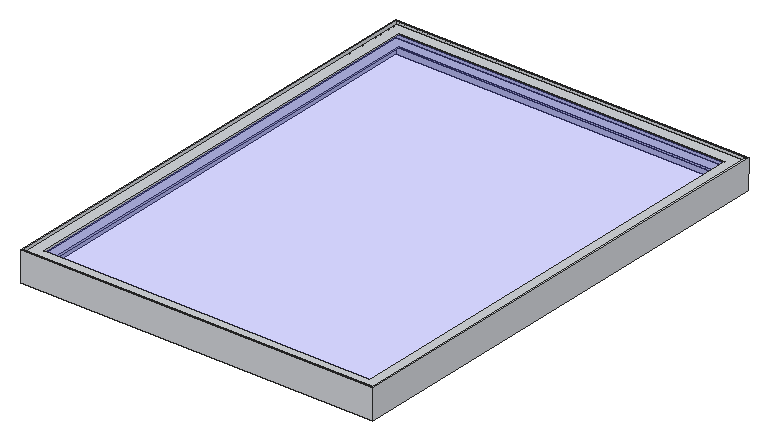
Revit family "Visor", category Windows, host Face, Revit 2020
Family settings
  Host = Face
  Cut with Voids When Loaded = Yes
  Shared = Yes
  Room Calculation Point = No
Parameters
  Width = 600 mm
  TAG [instance] = ""
  PISO [instance] = ""
  FIXAÇÃO [instance] = ""
  Espessura Folha [instance] = 50 mm
  Define Thermal Properties by = Schematic Type
  Default Elevation = 0 mm
  Height = 800 mm
  DETALHE [instance] = ""
Reference planes
  plane 1 "Centro (Frente/Trás)": y = 0
  plane 2: z = 0
  plane 3 "Centro (Esquerda/Direita)": x = 0
  plane 4: x = 300
  plane 5: y = 798
  plane 6: x = -300
  plane 7: y = -2
  plane 8: z = -5
  plane 9: z = -27
  plane 10: x = -298
  plane 11: x = 298
  plane 12: y = 796
  plane 13: y = 0
  plane 14: z = -50
  plane 15: z = -51
Forms (mm)
  Sweep 1, solid
    path origin (0, 0, 0) x (1, 0, 0) y (0, 1, 0)
      loop
        line (-300, 798) -> (-300, -2) -> (300, -2) -> (300, 798) -> (-300, 798)
    profile origin (-300, 398, 0) x (-1, 0, 0) y (0, 0, 1)
      loop
        line (0, -5) -> (-20, -5) -> (-20, -7) -> (-2, -7) -> (-2, -25) -> (-20, -25) -> (-20, -27) -> (0, -27) -> (0, -5)
  Extrusion 2, solid, material "Vidro"
    sketch origin (0, 0, 0) x (1, 0, 0) y (0, 1, 0)
      loop
        line (-298, 796) -> (-298, 0) -> (298, 0) -> (298, 796) -> (-298, 796)
    from -24 to -8
  Extrusion 3, solid
    sketch origin (-310.317, -4572, -51) x (-1, 0, 0) y (0, -1, 0)
      loop
        line (-10.317, -5370) -> (-10.317, -4570) -> (-610.317, -4570) -> (-610.317, -5370) -> (-10.317, -5370)
      loop
        line (-8.317, -4568) -> (-612.317, -4568) -> (-612.317, -5372) -> (-8.317, -5372) -> (-8.317, -4568)
    from 0 to 50 <- "Espessura Folha"
  Extrusion 4, void
    sketch origin (-316.51, -4572, -5) x (0, -1, 0) y (-1, 0, 0)
      loop
        line (-5370, -16.51) -> (-5370, -616.51) -> (-4570, -616.51) -> (-4570, -16.51) -> (-5370, -16.51)
    from -6 to 50 <- "Espessura Folha"
Dimensions and locks
  equal spacing: plane 6, plane 3 "Centro (Esquerda/Direita)", plane 4
  plane 6 to plane 4 = 600 mm
  plane 5 to plane 7 = 800 mm
  "Height": plane 5 to plane 7
  "Width": plane 6 to plane 4
  locked: plane 2 to plane 8 at 5
  locked: plane 8 to plane 9 at 22
  locked: plane 11 to plane 4 at 2
  locked: plane 6 to plane 10 at 2
  locked: plane 5 to plane 12 at 2
  locked: plane 13 to plane 7 at 2
  "Espessura Folha": plane 2 to plane 14
  locked: plane 14 to plane 15 at 1
  aligned and locked: plane 2 to host face
  aligned and locked: level to host face
  aligned and locked: Sweep 1 sketch curve to plane 5
  aligned and locked: Sweep 1 sketch curve to plane 6
  aligned and locked: plane 7 to Sweep 1 sketch curve
  aligned and locked: Sweep 1 sketch curve to plane 4
  aligned and locked: Extrusion 2 sketch curve to Sweep 1  (x4)
  aligned and locked: Extrusion 3 sketch curve to Sweep 1  (x4)
  aligned and locked: Extrusion 4 sketch curve to Sweep 1  (x4)
  aligned and locked: plane 13 to plane 1 "Centro (Frente/Trás)"
Automatic sketch dimensions
  host sketch curve to host sketch curve = 2438.4 mm  (x2)
  Sweep 1 sketch curve to profile plane = 0 mm
  profile plane to Sweep 1 sketch curve = 20 mm
  Sweep 1 sketch curve to level = 5 mm
  profile plane to Sweep 1 sketch curve = 2 mm
  Sweep 1 sketch curve to Sweep 1 sketch curve = 2 mm  (x2)
  Sweep 1 sketch curve to Sweep 1 sketch curve = 0 mm
  Sweep 1 sketch curve to Sweep 1 sketch curve = 18 mm
  Extrusion 3 sketch curve to plane 4 = 2 mm
  plane 6 to Extrusion 3 sketch curve = 2 mm
  plane 5 to Extrusion 3 sketch curve = 2 mm
  Extrusion 3 sketch curve to plane 7 = 2 mm
